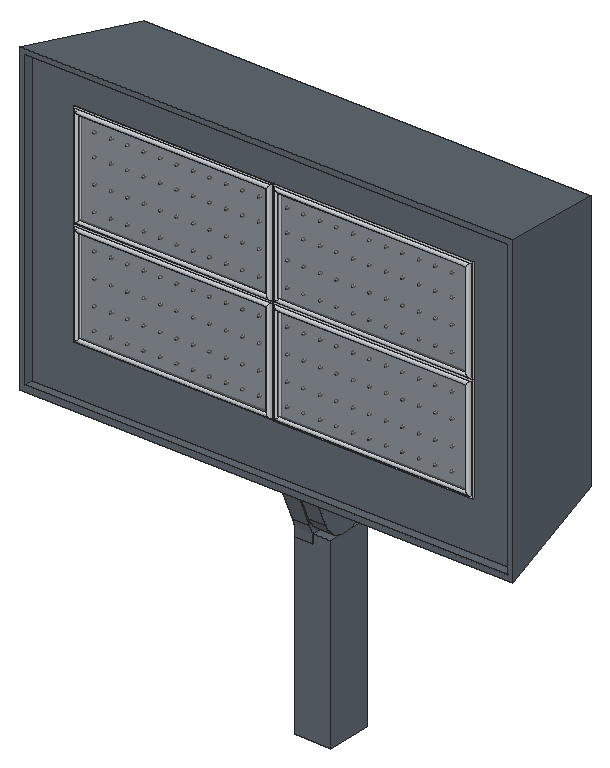
Revit family "RFL4", category Lighting Fixtures, host Face, Revit 2021 (continued)
Definition of nested family "RFL"
  Automatic sketch dimensions
    Revolve 52 sketch curve to Revolve 52 sketch curve = 0.03589"
    plane 1 "Center (Front/Back)" to Revolve 52 sketch curve = 1.48276"
    Revolve 52 sketch curve to Revolve 52 sketch curve = 0.04501"
    Revolve 52 sketch curve to Revolve 52 sketch curve = 0.000"
    Revolve 52 sketch curve to Revolve 52 sketch curve = 0.26429"
    Revolve 52 sketch curve to Revolve 52 sketch curve = 0.35913"
    Revolve 53 sketch curve to plane 4 = 1.90329"
    Revolve 53 sketch curve to Revolve 53 sketch curve = 0.03589"
    plane 1 "Center (Front/Back)" to Revolve 53 sketch curve = 1.48276"
    Revolve 53 sketch curve to Revolve 53 sketch curve = 0.04501"
    Revolve 53 sketch curve to Revolve 53 sketch curve = 0.000"
    Revolve 53 sketch curve to Revolve 53 sketch curve = 0.26429"
    Revolve 53 sketch curve to Revolve 53 sketch curve = 0.35913"
    Revolve 54 sketch curve to plane 4 = 1.90329"
    Revolve 54 sketch curve to Revolve 54 sketch curve = 0.03589"
    plane 1 "Center (Front/Back)" to Revolve 54 sketch curve = 1.48276"
    Revolve 54 sketch curve to Revolve 54 sketch curve = 0.04501"
    Revolve 54 sketch curve to Revolve 54 sketch curve = 0.000"
    Revolve 54 sketch curve to Revolve 54 sketch curve = 0.26429"
    Revolve 54 sketch curve to Revolve 54 sketch curve = 0.35913"
    Revolve 55 sketch curve to plane 4 = 1.90329"
    Revolve 55 sketch curve to Revolve 55 sketch curve = 0.03589"
    plane 1 "Center (Front/Back)" to Revolve 55 sketch curve = 1.48276"
    Revolve 55 sketch curve to Revolve 55 sketch curve = 0.04501"
    Revolve 55 sketch curve to Revolve 55 sketch curve = 0.000"
    Revolve 55 sketch curve to Revolve 55 sketch curve = 0.26429"
    Revolve 55 sketch curve to Revolve 55 sketch curve = 0.35913"
    plane 3 "Center (Left/Right)" to Revolve 56 sketch curve = 0.39456"
    Revolve 56 sketch curve to Revolve 56 sketch curve = 0.03589"
    plane 1 "Center (Front/Back)" to Revolve 56 sketch curve = 1.48276"
    Revolve 56 sketch curve to Revolve 56 sketch curve = 0.04501"
    Revolve 56 sketch curve to Revolve 56 sketch curve = 0.000"
    Revolve 56 sketch curve to Revolve 56 sketch curve = 0.26429"
    Revolve 56 sketch curve to Revolve 56 sketch curve = 0.35913"
    plane 3 "Center (Left/Right)" to Revolve 57 sketch curve = 0.39456"
    Revolve 57 sketch curve to Revolve 57 sketch curve = 0.03589"
    plane 1 "Center (Front/Back)" to Revolve 57 sketch curve = 1.48276"
    Revolve 57 sketch curve to Revolve 57 sketch curve = 0.04501"
    Revolve 57 sketch curve to Revolve 57 sketch curve = 0.000"
    Revolve 57 sketch curve to Revolve 57 sketch curve = 0.26429"
    Revolve 57 sketch curve to Revolve 57 sketch curve = 0.35913"
    plane 3 "Center (Left/Right)" to Revolve 58 sketch curve = 0.39456"
    Revolve 58 sketch curve to Revolve 58 sketch curve = 0.03589"
    plane 1 "Center (Front/Back)" to Revolve 58 sketch curve = 1.48276"
    Revolve 58 sketch curve to Revolve 58 sketch curve = 0.04501"
    Revolve 58 sketch curve to Revolve 58 sketch curve = 0.000"
    Revolve 58 sketch curve to Revolve 58 sketch curve = 0.26429"
    Revolve 58 sketch curve to Revolve 58 sketch curve = 0.35913"
    plane 3 "Center (Left/Right)" to Revolve 59 sketch curve = 0.39456"
    Revolve 59 sketch curve to Revolve 59 sketch curve = 0.03589"
    plane 1 "Center (Front/Back)" to Revolve 59 sketch curve = 1.48276"
    Revolve 59 sketch curve to Revolve 59 sketch curve = 0.04501"
    Revolve 59 sketch curve to Revolve 59 sketch curve = 0.000"
    Revolve 59 sketch curve to Revolve 59 sketch curve = 0.26429"
    Revolve 59 sketch curve to Revolve 59 sketch curve = 0.35913"
    Revolve 60 sketch curve to plane 4 = 2.3635"
    Revolve 60 sketch curve to Revolve 60 sketch curve = 0.03589"
    plane 1 "Center (Front/Back)" to Revolve 60 sketch curve = 1.48276"
    Revolve 60 sketch curve to Revolve 60 sketch curve = 0.04501"
    Revolve 60 sketch curve to Revolve 60 sketch curve = 0.000"
    Revolve 60 sketch curve to Revolve 60 sketch curve = 0.26429"
    Revolve 60 sketch curve to Revolve 60 sketch curve = 0.35913"
    Revolve 61 sketch curve to plane 4 = 2.3635"
    Revolve 61 sketch curve to Revolve 61 sketch curve = 0.03589"
    plane 1 "Center (Front/Back)" to Revolve 61 sketch curve = 1.48276"
    Revolve 61 sketch curve to Revolve 61 sketch curve = 0.04501"
    Revolve 61 sketch curve to Revolve 61 sketch curve = 0.000"
    Revolve 61 sketch curve to Revolve 61 sketch curve = 0.26429"
    Revolve 61 sketch curve to Revolve 61 sketch curve = 0.35913"
    Revolve 62 sketch curve to plane 4 = 2.3635"
    Revolve 62 sketch curve to Revolve 62 sketch curve = 0.03589"
    plane 1 "Center (Front/Back)" to Revolve 62 sketch curve = 1.48276"
    Revolve 62 sketch curve to Revolve 62 sketch curve = 0.04501"
    Revolve 62 sketch curve to Revolve 62 sketch curve = 0.000"
    Revolve 62 sketch curve to Revolve 62 sketch curve = 0.26429"
    Revolve 62 sketch curve to Revolve 62 sketch curve = 0.35913"
    Revolve 63 sketch curve to plane 4 = 2.3635"
    Revolve 63 sketch curve to Revolve 63 sketch curve = 0.03589"
    plane 1 "Center (Front/Back)" to Revolve 63 sketch curve = 1.48276"
    Revolve 63 sketch curve to Revolve 63 sketch curve = 0.04501"
    Revolve 63 sketch curve to Revolve 63 sketch curve = 0.000"
    Revolve 63 sketch curve to Revolve 63 sketch curve = 0.26429"
    Revolve 63 sketch curve to Revolve 63 sketch curve = 0.35913"
    Revolve 64 sketch curve to plane 4 = 2.82372"
    Revolve 64 sketch curve to Revolve 64 sketch curve = 0.03589"
    plane 1 "Center (Front/Back)" to Revolve 64 sketch curve = 1.48276"
    Revolve 64 sketch curve to Revolve 64 sketch curve = 0.04501"
    Revolve 64 sketch curve to Revolve 64 sketch curve = 0.000"
    Revolve 64 sketch curve to Revolve 64 sketch curve = 0.26429"
    Revolve 64 sketch curve to Revolve 64 sketch curve = 0.35913"
    Revolve 65 sketch curve to plane 4 = 2.82372"
    Revolve 65 sketch curve to Revolve 65 sketch curve = 0.03589"
    plane 1 "Center (Front/Back)" to Revolve 65 sketch curve = 1.48276"
    Revolve 65 sketch curve to Revolve 65 sketch curve = 0.04501"
    Revolve 65 sketch curve to Revolve 65 sketch curve = 0.000"
    Revolve 65 sketch curve to Revolve 65 sketch curve = 0.26429"
    Revolve 65 sketch curve to Revolve 65 sketch curve = 0.35913"
    Revolve 66 sketch curve to plane 4 = 2.82372"
    Revolve 66 sketch curve to Revolve 66 sketch curve = 0.03589"
    plane 1 "Center (Front/Back)" to Revolve 66 sketch curve = 1.48276"
    Revolve 66 sketch curve to Revolve 66 sketch curve = 0.04501"
    Revolve 66 sketch curve to Revolve 66 sketch curve = 0.000"
    Revolve 66 sketch curve to Revolve 66 sketch curve = 0.26429"
    Revolve 66 sketch curve to Revolve 66 sketch curve = 0.35913"
    Revolve 67 sketch curve to plane 4 = 2.82372"
    Revolve 67 sketch curve to Revolve 67 sketch curve = 0.03589"
    plane 1 "Center (Front/Back)" to Revolve 67 sketch curve = 1.48276"
    Revolve 67 sketch curve to Revolve 67 sketch curve = 0.04501"
    Revolve 67 sketch curve to Revolve 67 sketch curve = 0.000"
    Revolve 67 sketch curve to Revolve 67 sketch curve = 0.26429"
    Revolve 67 sketch curve to Revolve 67 sketch curve = 0.35913"
    plane 1 "Center (Front/Back)" to Revolve 68 sketch curve = 1.48276"
    Revolve 68 sketch curve to plane 4 = 3.28393"
    Revolve 68 sketch curve to Revolve 68 sketch curve = 0.03589"
    Revolve 68 sketch curve to Revolve 68 sketch curve = 0.04501"
    Revolve 68 sketch curve to Revolve 68 sketch curve = 0.000"
    Revolve 68 sketch curve to Revolve 68 sketch curve = 0.26429"
    Revolve 68 sketch curve to Revolve 68 sketch curve = 0.35913"
    plane 1 "Center (Front/Back)" to Revolve 69 sketch curve = 1.48276"
    Revolve 69 sketch curve to plane 4 = 3.28393"
    Revolve 69 sketch curve to Revolve 69 sketch curve = 0.03589"
    Revolve 69 sketch curve to Revolve 69 sketch curve = 0.04501"
    Revolve 69 sketch curve to Revolve 69 sketch curve = 0.000"
    Revolve 69 sketch curve to Revolve 69 sketch curve = 0.26429"
    Revolve 69 sketch curve to Revolve 69 sketch curve = 0.35913"
    plane 1 "Center (Front/Back)" to Revolve 70 sketch curve = 1.48276"
    Revolve 70 sketch curve to plane 4 = 3.28393"
    Revolve 70 sketch curve to Revolve 70 sketch curve = 0.03589"
    Revolve 70 sketch curve to Revolve 70 sketch curve = 0.04501"
    Revolve 70 sketch curve to Revolve 70 sketch curve = 0.000"
    Revolve 70 sketch curve to Revolve 70 sketch curve = 0.26429"
    Revolve 70 sketch curve to Revolve 70 sketch curve = 0.35913"
    plane 1 "Center (Front/Back)" to Revolve 71 sketch curve = 1.48276"
    Revolve 71 sketch curve to plane 4 = 3.28393"
    Revolve 71 sketch curve to Revolve 71 sketch curve = 0.03589"
    Revolve 71 sketch curve to Revolve 71 sketch curve = 0.04501"
    Revolve 71 sketch curve to Revolve 71 sketch curve = 0.000"
    Revolve 71 sketch curve to Revolve 71 sketch curve = 0.26429"
    Revolve 71 sketch curve to Revolve 71 sketch curve = 0.35913"
    plane 1 "Center (Front/Back)" to Revolve 72 sketch curve = 1.48276"
    plane 3 "Center (Left/Right)" to Revolve 72 sketch curve = 3.15585"
    Revolve 72 sketch curve to Revolve 72 sketch curve = 0.03589"
    Revolve 72 sketch curve to Revolve 72 sketch curve = 0.04501"
    Revolve 72 sketch curve to Revolve 72 sketch curve = 0.000"
    Revolve 72 sketch curve to Revolve 72 sketch curve = 0.26429"
    Revolve 72 sketch curve to Revolve 72 sketch curve = 0.35913"
    plane 1 "Center (Front/Back)" to Revolve 73 sketch curve = 1.48276"
    plane 3 "Center (Left/Right)" to Revolve 73 sketch curve = 3.15585"
    Revolve 73 sketch curve to Revolve 73 sketch curve = 0.03589"
    Revolve 73 sketch curve to Revolve 73 sketch curve = 0.04501"
    Revolve 73 sketch curve to Revolve 73 sketch curve = 0.000"
    Revolve 73 sketch curve to Revolve 73 sketch curve = 0.26429"
    Revolve 73 sketch curve to Revolve 73 sketch curve = 0.35913"
    plane 1 "Center (Front/Back)" to Revolve 74 sketch curve = 1.48276"
    plane 3 "Center (Left/Right)" to Revolve 74 sketch curve = 3.15585"
    Revolve 74 sketch curve to Revolve 74 sketch curve = 0.03589"
    Revolve 74 sketch curve to Revolve 74 sketch curve = 0.04501"
    Revolve 74 sketch curve to Revolve 74 sketch curve = 0.000"
    Revolve 74 sketch curve to Revolve 74 sketch curve = 0.26429"
    Revolve 74 sketch curve to Revolve 74 sketch curve = 0.35913"
    plane 1 "Center (Front/Back)" to Revolve 75 sketch curve = 1.48276"
    plane 3 "Center (Left/Right)" to Revolve 75 sketch curve = 3.15585"
    Revolve 75 sketch curve to Revolve 75 sketch curve = 0.03589"
    Revolve 75 sketch curve to Revolve 75 sketch curve = 0.04501"
    Revolve 75 sketch curve to Revolve 75 sketch curve = 0.000"
    Revolve 75 sketch curve to Revolve 75 sketch curve = 0.26429"
    Revolve 75 sketch curve to Revolve 75 sketch curve = 0.35913"
    plane 3 "Center (Left/Right)" to Revolve 76 sketch curve = 2.69564"
    Revolve 76 sketch curve to Revolve 76 sketch curve = 0.03589"
    plane 1 "Center (Front/Back)" to Revolve 76 sketch curve = 1.48276"
    Revolve 76 sketch curve to Revolve 76 sketch curve = 0.04501"
    Revolve 76 sketch curve to Revolve 76 sketch curve = 0.000"
    Revolve 76 sketch curve to Revolve 76 sketch curve = 0.26429"
    Revolve 76 sketch curve to Revolve 76 sketch curve = 0.35913"
    plane 3 "Center (Left/Right)" to Revolve 77 sketch curve = 2.69564"
    Revolve 77 sketch curve to Revolve 77 sketch curve = 0.03589"
    plane 1 "Center (Front/Back)" to Revolve 77 sketch curve = 1.48276"
    Revolve 77 sketch curve to Revolve 77 sketch curve = 0.04501"
    Revolve 77 sketch curve to Revolve 77 sketch curve = 0.000"
    Revolve 77 sketch curve to Revolve 77 sketch curve = 0.26429"
    Revolve 77 sketch curve to Revolve 77 sketch curve = 0.35913"
    plane 3 "Center (Left/Right)" to Revolve 78 sketch curve = 2.69564"
    Revolve 78 sketch curve to Revolve 78 sketch curve = 0.03589"
    plane 1 "Center (Front/Back)" to Revolve 78 sketch curve = 1.48276"
    Revolve 78 sketch curve to Revolve 78 sketch curve = 0.04501"
    Revolve 78 sketch curve to Revolve 78 sketch curve = 0.000"
    Revolve 78 sketch curve to Revolve 78 sketch curve = 0.26429"
    Revolve 78 sketch curve to Revolve 78 sketch curve = 0.35913"
    plane 3 "Center (Left/Right)" to Revolve 79 sketch curve = 2.69564"
    Revolve 79 sketch curve to Revolve 79 sketch curve = 0.03589"
    plane 1 "Center (Front/Back)" to Revolve 79 sketch curve = 1.48276"
    Revolve 79 sketch curve to Revolve 79 sketch curve = 0.04501"
    Revolve 79 sketch curve to Revolve 79 sketch curve = 0.000"
    Revolve 79 sketch curve to Revolve 79 sketch curve = 0.26429"
    Revolve 79 sketch curve to Revolve 79 sketch curve = 0.35913"
    plane 3 "Center (Left/Right)" to Revolve 80 sketch curve = 2.23542"
    Revolve 80 sketch curve to Revolve 80 sketch curve = 0.03589"
    plane 1 "Center (Front/Back)" to Revolve 80 sketch curve = 1.48276"
    Revolve 80 sketch curve to Revolve 80 sketch curve = 0.04501"
    Revolve 80 sketch curve to Revolve 80 sketch curve = 0.000"
    Revolve 80 sketch curve to Revolve 80 sketch curve = 0.26429"
    Revolve 80 sketch curve to Revolve 80 sketch curve = 0.35913"
    plane 3 "Center (Left/Right)" to Revolve 81 sketch curve = 2.23542"
    Revolve 81 sketch curve to Revolve 81 sketch curve = 0.03589"
    plane 1 "Center (Front/Back)" to Revolve 81 sketch curve = 1.48276"
    Revolve 81 sketch curve to Revolve 81 sketch curve = 0.04501"
    Revolve 81 sketch curve to Revolve 81 sketch curve = 0.000"
    Revolve 81 sketch curve to Revolve 81 sketch curve = 0.26429"
    Revolve 81 sketch curve to Revolve 81 sketch curve = 0.35913"
    plane 3 "Center (Left/Right)" to Revolve 82 sketch curve = 2.23542"
    Revolve 82 sketch curve to Revolve 82 sketch curve = 0.03589"
    plane 1 "Center (Front/Back)" to Revolve 82 sketch curve = 1.48276"
    Revolve 82 sketch curve to Revolve 82 sketch curve = 0.04501"
    Revolve 82 sketch curve to Revolve 82 sketch curve = 0.000"
    Revolve 82 sketch curve to Revolve 82 sketch curve = 0.26429"
    Revolve 82 sketch curve to Revolve 82 sketch curve = 0.35913"
    plane 3 "Center (Left/Right)" to Revolve 83 sketch curve = 2.23542"
    Revolve 83 sketch curve to Revolve 83 sketch curve = 0.03589"
    plane 1 "Center (Front/Back)" to Revolve 83 sketch curve = 1.48276"
    Revolve 83 sketch curve to Revolve 83 sketch curve = 0.04501"
    Revolve 83 sketch curve to Revolve 83 sketch curve = 0.000"
    Revolve 83 sketch curve to Revolve 83 sketch curve = 0.26429"
    Revolve 83 sketch curve to Revolve 83 sketch curve = 0.35913"
    plane 3 "Center (Left/Right)" to Revolve 84 sketch curve = 1.77521"
    Revolve 84 sketch curve to Revolve 84 sketch curve = 0.03589"
    plane 1 "Center (Front/Back)" to Revolve 84 sketch curve = 1.48276"
    Revolve 84 sketch curve to Revolve 84 sketch curve = 0.04501"
    Revolve 84 sketch curve to Revolve 84 sketch curve = 0.000"
    Revolve 84 sketch curve to Revolve 84 sketch curve = 0.26429"
    Revolve 84 sketch curve to Revolve 84 sketch curve = 0.35913"
    plane 3 "Center (Left/Right)" to Revolve 85 sketch curve = 1.77521"
    Revolve 85 sketch curve to Revolve 85 sketch curve = 0.03589"
    plane 1 "Center (Front/Back)" to Revolve 85 sketch curve = 1.48276"
    Revolve 85 sketch curve to Revolve 85 sketch curve = 0.04501"
    Revolve 85 sketch curve to Revolve 85 sketch curve = 0.000"
    Revolve 85 sketch curve to Revolve 85 sketch curve = 0.26429"
    Revolve 85 sketch curve to Revolve 85 sketch curve = 0.35913"
    plane 3 "Center (Left/Right)" to Revolve 86 sketch curve = 1.77521"
    Revolve 86 sketch curve to Revolve 86 sketch curve = 0.03589"
    plane 1 "Center (Front/Back)" to Revolve 86 sketch curve = 1.48276"
    Revolve 86 sketch curve to Revolve 86 sketch curve = 0.04501"
    Revolve 86 sketch curve to Revolve 86 sketch curve = 0.000"
    Revolve 86 sketch curve to Revolve 86 sketch curve = 0.26429"
    Revolve 86 sketch curve to Revolve 86 sketch curve = 0.35913"
    plane 3 "Center (Left/Right)" to Revolve 87 sketch curve = 1.77521"
    Revolve 87 sketch curve to Revolve 87 sketch curve = 0.03589"
    plane 1 "Center (Front/Back)" to Revolve 87 sketch curve = 1.48276"
    Revolve 87 sketch curve to Revolve 87 sketch curve = 0.04501"
    Revolve 87 sketch curve to Revolve 87 sketch curve = 0.000"
    Revolve 87 sketch curve to Revolve 87 sketch curve = 0.26429"
    Revolve 87 sketch curve to Revolve 87 sketch curve = 0.35913"
    plane 3 "Center (Left/Right)" to Revolve 88 sketch curve = 1.31499"
    Revolve 88 sketch curve to Revolve 88 sketch curve = 0.03589"
    plane 1 "Center (Front/Back)" to Revolve 88 sketch curve = 1.48276"
    Revolve 88 sketch curve to Revolve 88 sketch curve = 0.04501"
    Revolve 88 sketch curve to Revolve 88 sketch curve = 0.000"
    Revolve 88 sketch curve to Revolve 88 sketch curve = 0.26429"
    Revolve 88 sketch curve to Revolve 88 sketch curve = 0.35913"
    plane 3 "Center (Left/Right)" to Revolve 89 sketch curve = 1.31499"
    Revolve 89 sketch curve to Revolve 89 sketch curve = 0.03589"
    plane 1 "Center (Front/Back)" to Revolve 89 sketch curve = 1.48276"
    Revolve 89 sketch curve to Revolve 89 sketch curve = 0.04501"
    Revolve 89 sketch curve to Revolve 89 sketch curve = 0.000"
    Revolve 89 sketch curve to Revolve 89 sketch curve = 0.26429"
    Revolve 89 sketch curve to Revolve 89 sketch curve = 0.35913"
    plane 3 "Center (Left/Right)" to Revolve 90 sketch curve = 1.31499"
    Revolve 90 sketch curve to Revolve 90 sketch curve = 0.03589"
    plane 1 "Center (Front/Back)" to Revolve 90 sketch curve = 1.48276"
    Revolve 90 sketch curve to Revolve 90 sketch curve = 0.04501"
    Revolve 90 sketch curve to Revolve 90 sketch curve = 0.000"
    Revolve 90 sketch curve to Revolve 90 sketch curve = 0.26429"
    Revolve 90 sketch curve to Revolve 90 sketch curve = 0.35913"
    plane 3 "Center (Left/Right)" to Revolve 91 sketch curve = 1.31499"
    Revolve 91 sketch curve to Revolve 91 sketch curve = 0.03589"
    plane 1 "Center (Front/Back)" to Revolve 91 sketch curve = 1.48276"
    Revolve 91 sketch curve to Revolve 91 sketch curve = 0.04501"
    Revolve 91 sketch curve to Revolve 91 sketch curve = 0.000"
    Revolve 91 sketch curve to Revolve 91 sketch curve = 0.26429"
    Revolve 91 sketch curve to Revolve 91 sketch curve = 0.35913"
    plane 3 "Center (Left/Right)" to Revolve 92 sketch curve = 0.85478"
    Revolve 92 sketch curve to Revolve 92 sketch curve = 0.03589"
    plane 1 "Center (Front/Back)" to Revolve 92 sketch curve = 1.48276"
    Revolve 92 sketch curve to Revolve 92 sketch curve = 0.04501"
    Revolve 92 sketch curve to Revolve 92 sketch curve = 0.000"
    Revolve 92 sketch curve to Revolve 92 sketch curve = 0.26429"
    Revolve 92 sketch curve to Revolve 92 sketch curve = 0.35913"
    plane 3 "Center (Left/Right)" to Revolve 93 sketch curve = 0.85478"
    Revolve 93 sketch curve to Revolve 93 sketch curve = 0.03589"
    plane 1 "Center (Front/Back)" to Revolve 93 sketch curve = 1.48276"
    Revolve 93 sketch curve to Revolve 93 sketch curve = 0.04501"
    Revolve 93 sketch curve to Revolve 93 sketch curve = 0.000"
    Revolve 93 sketch curve to Revolve 93 sketch curve = 0.26429"
    Revolve 93 sketch curve to Revolve 93 sketch curve = 0.35913"
    plane 3 "Center (Left/Right)" to Revolve 94 sketch curve = 0.85478"
    Revolve 94 sketch curve to Revolve 94 sketch curve = 0.03589"
    plane 1 "Center (Front/Back)" to Revolve 94 sketch curve = 1.48276"
    Revolve 94 sketch curve to Revolve 94 sketch curve = 0.04501"
    Revolve 94 sketch curve to Revolve 94 sketch curve = 0.000"
    Revolve 94 sketch curve to Revolve 94 sketch curve = 0.26429"
    Revolve 94 sketch curve to Revolve 94 sketch curve = 0.35913"
    plane 3 "Center (Left/Right)" to Revolve 95 sketch curve = 0.85478"
    Revolve 95 sketch curve to Revolve 95 sketch curve = 0.03589"
    plane 1 "Center (Front/Back)" to Revolve 95 sketch curve = 1.48276"
    Revolve 95 sketch curve to Revolve 95 sketch curve = 0.04501"
    Revolve 95 sketch curve to Revolve 95 sketch curve = 0.000"
    Revolve 95 sketch curve to Revolve 95 sketch curve = 0.26429"
    Revolve 95 sketch curve to Revolve 95 sketch curve = 0.35913"
    Extrusion 96 sketch curve to plane 5 = 1.48867"
    plane 3 "Center (Left/Right)" to Extrusion 96 sketch curve = 0.16904"
    plane 8 to Extrusion 96 sketch curve = 4.2391"
    Extrusion 96 sketch curve to level = 1.72165"
    plane 5 to Sweep 97 sketch curve = 1.32856"
    Sweep 97 sketch curve to plane 3 "Center (Left/Right)" = 0.00894"
    level to Sweep 97 sketch curve = 1.56154"
    Sweep 97 sketch curve to Sweep 97 sketch curve = 2.95947"
    profile plane to Sweep 97 sketch curve = 0.000"
    Sweep 97 sketch curve to profile plane = 0.000"
    Sweep 97 sketch curve to Sweep 97 sketch curve = 0.04662"
    Sweep 97 sketch curve to Sweep 97 sketch curve = 0.05647"
    Sweep 97 sketch curve to Sweep 97 sketch curve = 0.05701"
    profile plane to Sweep 97 sketch curve = 0.03881"
    plane 1 "Center (Front/Back)" to Revolve 98 sketch curve = 1.48276"
    Revolve 98 sketch curve to Revolve 98 sketch curve = 0.04501"
    Revolve 98 sketch curve to Revolve 98 sketch curve = 0.03589"
    plane 5 to Revolve 98 sketch curve = 1.90329"
    Revolve 98 sketch curve to Revolve 98 sketch curve = 0.26429"
    Revolve 98 sketch curve to Revolve 98 sketch curve = 0.35913"
    Revolve 98 sketch curve to Revolve 98 sketch curve = 0.000"
    plane 1 "Center (Front/Back)" to Revolve 99 sketch curve = 1.48276"
    Revolve 99 sketch curve to Revolve 99 sketch curve = 0.04501"
    Revolve 99 sketch curve to Revolve 99 sketch curve = 0.03589"
    plane 5 to Revolve 99 sketch curve = 1.90329"
    Revolve 99 sketch curve to Revolve 99 sketch curve = 0.26429"
    Revolve 99 sketch curve to Revolve 99 sketch curve = 0.35913"
    Revolve 99 sketch curve to Revolve 99 sketch curve = 0.000"
    plane 1 "Center (Front/Back)" to Revolve 100 sketch curve = 1.48276"
    Revolve 100 sketch curve to Revolve 100 sketch curve = 0.04501"
    Revolve 100 sketch curve to Revolve 100 sketch curve = 0.03589"
    plane 5 to Revolve 100 sketch curve = 1.90329"
    Revolve 100 sketch curve to Revolve 100 sketch curve = 0.26429"
    Revolve 100 sketch curve to Revolve 100 sketch curve = 0.35913"
    Revolve 100 sketch curve to Revolve 100 sketch curve = 0.000"
    plane 1 "Center (Front/Back)" to Revolve 101 sketch curve = 1.48276"
    Revolve 101 sketch curve to Revolve 101 sketch curve = 0.04501"
    Revolve 101 sketch curve to Revolve 101 sketch curve = 0.03589"
    plane 5 to Revolve 101 sketch curve = 1.90329"
    Revolve 101 sketch curve to Revolve 101 sketch curve = 0.26429"
    Revolve 101 sketch curve to Revolve 101 sketch curve = 0.35913"
    Revolve 101 sketch curve to Revolve 101 sketch curve = 0.000"
    Revolve 102 sketch curve to plane 3 "Center (Left/Right)" = 0.39456"
    plane 1 "Center (Front/Back)" to Revolve 102 sketch curve = 1.48276"
    Revolve 102 sketch curve to Revolve 102 sketch curve = 0.04501"
    Revolve 102 sketch curve to Revolve 102 sketch curve = 0.03589"
    Revolve 102 sketch curve to Revolve 102 sketch curve = 0.26429"
    Revolve 102 sketch curve to Revolve 102 sketch curve = 0.35913"
    Revolve 102 sketch curve to Revolve 102 sketch curve = 0.000"
    Revolve 103 sketch curve to plane 3 "Center (Left/Right)" = 0.39456"
    plane 1 "Center (Front/Back)" to Revolve 103 sketch curve = 1.48276"
    Revolve 103 sketch curve to Revolve 103 sketch curve = 0.04501"
    Revolve 103 sketch curve to Revolve 103 sketch curve = 0.03589"
    Revolve 103 sketch curve to Revolve 103 sketch curve = 0.26429"
    Revolve 103 sketch curve to Revolve 103 sketch curve = 0.35913"
    Revolve 103 sketch curve to Revolve 103 sketch curve = 0.000"
    Revolve 104 sketch curve to plane 3 "Center (Left/Right)" = 0.39456"
    plane 1 "Center (Front/Back)" to Revolve 104 sketch curve = 1.48276"
    Revolve 104 sketch curve to Revolve 104 sketch curve = 0.04501"
    Revolve 104 sketch curve to Revolve 104 sketch curve = 0.03589"
    Revolve 104 sketch curve to Revolve 104 sketch curve = 0.26429"
    Revolve 104 sketch curve to Revolve 104 sketch curve = 0.35913"
    Revolve 104 sketch curve to Revolve 104 sketch curve = 0.000"
    Revolve 105 sketch curve to plane 3 "Center (Left/Right)" = 0.39456"
    plane 1 "Center (Front/Back)" to Revolve 105 sketch curve = 1.48276"
    Revolve 105 sketch curve to Revolve 105 sketch curve = 0.04501"
    Revolve 105 sketch curve to Revolve 105 sketch curve = 0.03589"
    Revolve 105 sketch curve to Revolve 105 sketch curve = 0.26429"
    Revolve 105 sketch curve to Revolve 105 sketch curve = 0.35913"
    Revolve 105 sketch curve to Revolve 105 sketch curve = 0.000"
    plane 1 "Center (Front/Back)" to Revolve 106 sketch curve = 1.48276"
    Revolve 106 sketch curve to Revolve 106 sketch curve = 0.04501"
    Revolve 106 sketch curve to Revolve 106 sketch curve = 0.03589"
    plane 5 to Revolve 106 sketch curve = 2.3635"
    Revolve 106 sketch curve to Revolve 106 sketch curve = 0.26429"
    Revolve 106 sketch curve to Revolve 106 sketch curve = 0.35913"
    Revolve 106 sketch curve to Revolve 106 sketch curve = 0.000"
    plane 1 "Center (Front/Back)" to Revolve 107 sketch curve = 1.48276"
    Revolve 107 sketch curve to Revolve 107 sketch curve = 0.04501"
    Revolve 107 sketch curve to Revolve 107 sketch curve = 0.03589"
    plane 5 to Revolve 107 sketch curve = 2.3635"
    Revolve 107 sketch curve to Revolve 107 sketch curve = 0.26429"
    Revolve 107 sketch curve to Revolve 107 sketch curve = 0.35913"
    Revolve 107 sketch curve to Revolve 107 sketch curve = 0.000"
    plane 1 "Center (Front/Back)" to Revolve 108 sketch curve = 1.48276"
    Revolve 108 sketch curve to Revolve 108 sketch curve = 0.04501"
    Revolve 108 sketch curve to Revolve 108 sketch curve = 0.03589"
    plane 5 to Revolve 108 sketch curve = 2.3635"
    Revolve 108 sketch curve to Revolve 108 sketch curve = 0.26429"
    Revolve 108 sketch curve to Revolve 108 sketch curve = 0.35913"
    Revolve 108 sketch curve to Revolve 108 sketch curve = 0.000"
    plane 1 "Center (Front/Back)" to Revolve 109 sketch curve = 1.48276"
    Revolve 109 sketch curve to Revolve 109 sketch curve = 0.04501"
    Revolve 109 sketch curve to Revolve 109 sketch curve = 0.03589"
    plane 5 to Revolve 109 sketch curve = 2.3635"
    Revolve 109 sketch curve to Revolve 109 sketch curve = 0.26429"
    Revolve 109 sketch curve to Revolve 109 sketch curve = 0.35913"
    Revolve 109 sketch curve to Revolve 109 sketch curve = 0.000"
    plane 1 "Center (Front/Back)" to Revolve 110 sketch curve = 1.48276"
    Revolve 110 sketch curve to Revolve 110 sketch curve = 0.04501"
    Revolve 110 sketch curve to Revolve 110 sketch curve = 0.03589"
    plane 5 to Revolve 110 sketch curve = 2.82372"
    Revolve 110 sketch curve to Revolve 110 sketch curve = 0.26429"
    Revolve 110 sketch curve to Revolve 110 sketch curve = 0.35913"
    Revolve 110 sketch curve to Revolve 110 sketch curve = 0.000"
    plane 1 "Center (Front/Back)" to Revolve 111 sketch curve = 1.48276"
    Revolve 111 sketch curve to Revolve 111 sketch curve = 0.04501"
    Revolve 111 sketch curve to Revolve 111 sketch curve = 0.03589"
    plane 5 to Revolve 111 sketch curve = 2.82372"
    Revolve 111 sketch curve to Revolve 111 sketch curve = 0.26429"
    Revolve 111 sketch curve to Revolve 111 sketch curve = 0.35913"
    Revolve 111 sketch curve to Revolve 111 sketch curve = 0.000"
    plane 1 "Center (Front/Back)" to Revolve 112 sketch curve = 1.48276"
    Revolve 112 sketch curve to Revolve 112 sketch curve = 0.04501"
    Revolve 112 sketch curve to Revolve 112 sketch curve = 0.03589"
    plane 5 to Revolve 112 sketch curve = 2.82372"
    Revolve 112 sketch curve to Revolve 112 sketch curve = 0.26429"
    Revolve 112 sketch curve to Revolve 112 sketch curve = 0.35913"
    Revolve 112 sketch curve to Revolve 112 sketch curve = 0.000"
    plane 1 "Center (Front/Back)" to Revolve 113 sketch curve = 1.48276"
    Revolve 113 sketch curve to Revolve 113 sketch curve = 0.04501"
    Revolve 113 sketch curve to Revolve 113 sketch curve = 0.03589"
    plane 5 to Revolve 113 sketch curve = 2.82372"
    Revolve 113 sketch curve to Revolve 113 sketch curve = 0.26429"
    Revolve 113 sketch curve to Revolve 113 sketch curve = 0.35913"
    Revolve 113 sketch curve to Revolve 113 sketch curve = 0.000"
    plane 1 "Center (Front/Back)" to Revolve 114 sketch curve = 1.48276"
    Revolve 114 sketch curve to Revolve 114 sketch curve = 0.04501"
    Revolve 114 sketch curve to Revolve 114 sketch curve = 0.03589"
    plane 5 to Revolve 114 sketch curve = 3.28393"
    Revolve 114 sketch curve to Revolve 114 sketch curve = 0.26429"
    Revolve 114 sketch curve to Revolve 114 sketch curve = 0.35913"
    Revolve 114 sketch curve to Revolve 114 sketch curve = 0.000"
    plane 1 "Center (Front/Back)" to Revolve 115 sketch curve = 1.48276"
    Revolve 115 sketch curve to Revolve 115 sketch curve = 0.04501"
    Revolve 115 sketch curve to Revolve 115 sketch curve = 0.03589"
    plane 5 to Revolve 115 sketch curve = 3.28393"
    Revolve 115 sketch curve to Revolve 115 sketch curve = 0.26429"
    Revolve 115 sketch curve to Revolve 115 sketch curve = 0.35913"
    Revolve 115 sketch curve to Revolve 115 sketch curve = 0.000"
    plane 1 "Center (Front/Back)" to Revolve 116 sketch curve = 1.48276"
    Revolve 116 sketch curve to Revolve 116 sketch curve = 0.04501"
    Revolve 116 sketch curve to Revolve 116 sketch curve = 0.03589"
    plane 5 to Revolve 116 sketch curve = 3.28393"
    Revolve 116 sketch curve to Revolve 116 sketch curve = 0.26429"
    Revolve 116 sketch curve to Revolve 116 sketch curve = 0.35913"
    Revolve 116 sketch curve to Revolve 116 sketch curve = 0.000"
    plane 1 "Center (Front/Back)" to Revolve 117 sketch curve = 1.48276"
    Revolve 117 sketch curve to Revolve 117 sketch curve = 0.04501"
    Revolve 117 sketch curve to Revolve 117 sketch curve = 0.03589"
    plane 5 to Revolve 117 sketch curve = 3.28393"
    Revolve 117 sketch curve to Revolve 117 sketch curve = 0.26429"
    Revolve 117 sketch curve to Revolve 117 sketch curve = 0.35913"
    Revolve 117 sketch curve to Revolve 117 sketch curve = 0.000"
    plane 1 "Center (Front/Back)" to Revolve 118 sketch curve = 1.48276"
    Revolve 118 sketch curve to Revolve 118 sketch curve = 0.04501"
    Revolve 118 sketch curve to Revolve 118 sketch curve = 0.03589"
    Revolve 118 sketch curve to plane 3 "Center (Left/Right)" = 3.15585"
    Revolve 118 sketch curve to Revolve 118 sketch curve = 0.26429"
    Revolve 118 sketch curve to Revolve 118 sketch curve = 0.35913"
    Revolve 118 sketch curve to Revolve 118 sketch curve = 0.000"
    plane 1 "Center (Front/Back)" to Revolve 119 sketch curve = 1.48276"
    Revolve 119 sketch curve to Revolve 119 sketch curve = 0.04501"
    Revolve 119 sketch curve to Revolve 119 sketch curve = 0.03589"
    Revolve 119 sketch curve to plane 3 "Center (Left/Right)" = 3.15585"
    Revolve 119 sketch curve to Revolve 119 sketch curve = 0.26429"
    Revolve 119 sketch curve to Revolve 119 sketch curve = 0.35913"
    Revolve 119 sketch curve to Revolve 119 sketch curve = 0.000"
    plane 1 "Center (Front/Back)" to Revolve 120 sketch curve = 1.48276"
    Revolve 120 sketch curve to Revolve 120 sketch curve = 0.04501"
    Revolve 120 sketch curve to Revolve 120 sketch curve = 0.03589"
    Revolve 120 sketch curve to plane 3 "Center (Left/Right)" = 3.15585"
    Revolve 120 sketch curve to Revolve 120 sketch curve = 0.26429"
    Revolve 120 sketch curve to Revolve 120 sketch curve = 0.35913"
    Revolve 120 sketch curve to Revolve 120 sketch curve = 0.000"
    plane 1 "Center (Front/Back)" to Revolve 121 sketch curve = 1.48276"
    Revolve 121 sketch curve to Revolve 121 sketch curve = 0.04501"
    Revolve 121 sketch curve to Revolve 121 sketch curve = 0.03589"
    Revolve 121 sketch curve to plane 3 "Center (Left/Right)" = 3.15585"
    Revolve 121 sketch curve to Revolve 121 sketch curve = 0.26429"
    Revolve 121 sketch curve to Revolve 121 sketch curve = 0.35913"
    Revolve 121 sketch curve to Revolve 121 sketch curve = 0.000"
    plane 1 "Center (Front/Back)" to Revolve 122 sketch curve = 1.48276"
    Revolve 122 sketch curve to Revolve 122 sketch curve = 0.04501"
    Revolve 122 sketch curve to Revolve 122 sketch curve = 0.03589"
    Revolve 122 sketch curve to plane 3 "Center (Left/Right)" = 2.69564"
    Revolve 122 sketch curve to Revolve 122 sketch curve = 0.26429"
    Revolve 122 sketch curve to Revolve 122 sketch curve = 0.35913"
    Revolve 122 sketch curve to Revolve 122 sketch curve = 0.000"
    plane 1 "Center (Front/Back)" to Revolve 123 sketch curve = 1.48276"
    Revolve 123 sketch curve to Revolve 123 sketch curve = 0.04501"
    Revolve 123 sketch curve to Revolve 123 sketch curve = 0.03589"
    Revolve 123 sketch curve to plane 3 "Center (Left/Right)" = 2.69564"
    Revolve 123 sketch curve to Revolve 123 sketch curve = 0.26429"
    Revolve 123 sketch curve to Revolve 123 sketch curve = 0.35913"
    Revolve 123 sketch curve to Revolve 123 sketch curve = 0.000"
    plane 1 "Center (Front/Back)" to Revolve 124 sketch curve = 1.48276"
    Revolve 124 sketch curve to Revolve 124 sketch curve = 0.04501"
    Revolve 124 sketch curve to Revolve 124 sketch curve = 0.03589"
    Revolve 124 sketch curve to plane 3 "Center (Left/Right)" = 2.69564"
    Revolve 124 sketch curve to Revolve 124 sketch curve = 0.26429"
    Revolve 124 sketch curve to Revolve 124 sketch curve = 0.35913"
    Revolve 124 sketch curve to Revolve 124 sketch curve = 0.000"
    plane 1 "Center (Front/Back)" to Revolve 125 sketch curve = 1.48276"
    Revolve 125 sketch curve to Revolve 125 sketch curve = 0.04501"
    Revolve 125 sketch curve to Revolve 125 sketch curve = 0.03589"
    Revolve 125 sketch curve to plane 3 "Center (Left/Right)" = 2.69564"
    Revolve 125 sketch curve to Revolve 125 sketch curve = 0.26429"
    Revolve 125 sketch curve to Revolve 125 sketch curve = 0.35913"
    Revolve 125 sketch curve to Revolve 125 sketch curve = 0.000"
    plane 1 "Center (Front/Back)" to Revolve 126 sketch curve = 1.48276"
    Revolve 126 sketch curve to Revolve 126 sketch curve = 0.04501"
    Revolve 126 sketch curve to Revolve 126 sketch curve = 0.03589"
    Revolve 126 sketch curve to plane 3 "Center (Left/Right)" = 2.23542"
    Revolve 126 sketch curve to Revolve 126 sketch curve = 0.26429"
    Revolve 126 sketch curve to Revolve 126 sketch curve = 0.35913"
    Revolve 126 sketch curve to Revolve 126 sketch curve = 0.000"
    plane 1 "Center (Front/Back)" to Revolve 127 sketch curve = 1.48276"
    Revolve 127 sketch curve to Revolve 127 sketch curve = 0.04501"
    Revolve 127 sketch curve to Revolve 127 sketch curve = 0.03589"
    Revolve 127 sketch curve to plane 3 "Center (Left/Right)" = 2.23542"
    Revolve 127 sketch curve to Revolve 127 sketch curve = 0.26429"
    Revolve 127 sketch curve to Revolve 127 sketch curve = 0.35913"
    Revolve 127 sketch curve to Revolve 127 sketch curve = 0.000"
    plane 1 "Center (Front/Back)" to Revolve 128 sketch curve = 1.48276"
    Revolve 128 sketch curve to Revolve 128 sketch curve = 0.04501"
    Revolve 128 sketch curve to Revolve 128 sketch curve = 0.03589"
    Revolve 128 sketch curve to plane 3 "Center (Left/Right)" = 2.23542"
    Revolve 128 sketch curve to Revolve 128 sketch curve = 0.26429"
    Revolve 128 sketch curve to Revolve 128 sketch curve = 0.35913"
    Revolve 128 sketch curve to Revolve 128 sketch curve = 0.000"
    plane 1 "Center (Front/Back)" to Revolve 129 sketch curve = 1.48276"
    Revolve 129 sketch curve to Revolve 129 sketch curve = 0.04501"
    Revolve 129 sketch curve to Revolve 129 sketch curve = 0.03589"
    Revolve 129 sketch curve to plane 3 "Center (Left/Right)" = 2.23542"
    Revolve 129 sketch curve to Revolve 129 sketch curve = 0.26429"
    Revolve 129 sketch curve to Revolve 129 sketch curve = 0.35913"
    Revolve 129 sketch curve to Revolve 129 sketch curve = 0.000"
    plane 1 "Center (Front/Back)" to Revolve 130 sketch curve = 1.48276"
    Revolve 130 sketch curve to Revolve 130 sketch curve = 0.04501"
    Revolve 130 sketch curve to Revolve 130 sketch curve = 0.03589"
    Revolve 130 sketch curve to plane 3 "Center (Left/Right)" = 1.77521"
    Revolve 130 sketch curve to Revolve 130 sketch curve = 0.26429"
    Revolve 130 sketch curve to Revolve 130 sketch curve = 0.35913"
    Revolve 130 sketch curve to Revolve 130 sketch curve = 0.000"
    plane 1 "Center (Front/Back)" to Revolve 131 sketch curve = 1.48276"
    Revolve 131 sketch curve to Revolve 131 sketch curve = 0.04501"
    Revolve 131 sketch curve to Revolve 131 sketch curve = 0.03589"
    Revolve 131 sketch curve to plane 3 "Center (Left/Right)" = 1.77521"
    Revolve 131 sketch curve to Revolve 131 sketch curve = 0.26429"
    Revolve 131 sketch curve to Revolve 131 sketch curve = 0.35913"
    Revolve 131 sketch curve to Revolve 131 sketch curve = 0.000"
    plane 1 "Center (Front/Back)" to Revolve 132 sketch curve = 1.48276"
    Revolve 132 sketch curve to Revolve 132 sketch curve = 0.04501"
    Revolve 132 sketch curve to Revolve 132 sketch curve = 0.03589"
    Revolve 132 sketch curve to plane 3 "Center (Left/Right)" = 1.77521"
    Revolve 132 sketch curve to Revolve 132 sketch curve = 0.26429"
    Revolve 132 sketch curve to Revolve 132 sketch curve = 0.35913"
    Revolve 132 sketch curve to Revolve 132 sketch curve = 0.000"
    plane 1 "Center (Front/Back)" to Revolve 133 sketch curve = 1.48276"
    Revolve 133 sketch curve to Revolve 133 sketch curve = 0.04501"
    Revolve 133 sketch curve to Revolve 133 sketch curve = 0.03589"
    Revolve 133 sketch curve to plane 3 "Center (Left/Right)" = 1.77521"
    Revolve 133 sketch curve to Revolve 133 sketch curve = 0.26429"
    Revolve 133 sketch curve to Revolve 133 sketch curve = 0.35913"
    Revolve 133 sketch curve to Revolve 133 sketch curve = 0.000"
    plane 1 "Center (Front/Back)" to Revolve 134 sketch curve = 1.48276"
    Revolve 134 sketch curve to Revolve 134 sketch curve = 0.04501"
    Revolve 134 sketch curve to Revolve 134 sketch curve = 0.03589"
    Revolve 134 sketch curve to plane 3 "Center (Left/Right)" = 1.31499"
    Revolve 134 sketch curve to Revolve 134 sketch curve = 0.26429"
    Revolve 134 sketch curve to Revolve 134 sketch curve = 0.35913"
    Revolve 134 sketch curve to Revolve 134 sketch curve = 0.000"
    plane 1 "Center (Front/Back)" to Revolve 135 sketch curve = 1.48276"
    Revolve 135 sketch curve to Revolve 135 sketch curve = 0.04501"
    Revolve 135 sketch curve to Revolve 135 sketch curve = 0.03589"
    Revolve 135 sketch curve to plane 3 "Center (Left/Right)" = 1.31499"
    Revolve 135 sketch curve to Revolve 135 sketch curve = 0.26429"
    Revolve 135 sketch curve to Revolve 135 sketch curve = 0.35913"
    Revolve 135 sketch curve to Revolve 135 sketch curve = 0.000"
    plane 1 "Center (Front/Back)" to Revolve 136 sketch curve = 1.48276"
    Revolve 136 sketch curve to Revolve 136 sketch curve = 0.04501"
    Revolve 136 sketch curve to Revolve 136 sketch curve = 0.03589"
    Revolve 136 sketch curve to plane 3 "Center (Left/Right)" = 1.31499"
    Revolve 136 sketch curve to Revolve 136 sketch curve = 0.26429"
    Revolve 136 sketch curve to Revolve 136 sketch curve = 0.35913"
    Revolve 136 sketch curve to Revolve 136 sketch curve = 0.000"
    plane 1 "Center (Front/Back)" to Revolve 137 sketch curve = 1.48276"
    Revolve 137 sketch curve to Revolve 137 sketch curve = 0.04501"
    Revolve 137 sketch curve to Revolve 137 sketch curve = 0.03589"
    Revolve 137 sketch curve to plane 3 "Center (Left/Right)" = 1.31499"
    Revolve 137 sketch curve to Revolve 137 sketch curve = 0.26429"
    Revolve 137 sketch curve to Revolve 137 sketch curve = 0.35913"
    Revolve 137 sketch curve to Revolve 137 sketch curve = 0.000"
    plane 1 "Center (Front/Back)" to Revolve 138 sketch curve = 1.48276"
    Revolve 138 sketch curve to Revolve 138 sketch curve = 0.04501"
    Revolve 138 sketch curve to Revolve 138 sketch curve = 0.03589"
    Revolve 138 sketch curve to plane 3 "Center (Left/Right)" = 0.85478"
    Revolve 138 sketch curve to Revolve 138 sketch curve = 0.26429"
    Revolve 138 sketch curve to Revolve 138 sketch curve = 0.35913"
    Revolve 138 sketch curve to Revolve 138 sketch curve = 0.000"
    plane 1 "Center (Front/Back)" to Revolve 139 sketch curve = 1.48276"
    Revolve 139 sketch curve to Revolve 139 sketch curve = 0.04501"
    Revolve 139 sketch curve to Revolve 139 sketch curve = 0.03589"
    Revolve 139 sketch curve to plane 3 "Center (Left/Right)" = 0.85478"
    Revolve 139 sketch curve to Revolve 139 sketch curve = 0.26429"
    Revolve 139 sketch curve to Revolve 139 sketch curve = 0.35913"
    Revolve 139 sketch curve to Revolve 139 sketch curve = 0.000"
    plane 1 "Center (Front/Back)" to Revolve 140 sketch curve = 1.48276"
    Revolve 140 sketch curve to Revolve 140 sketch curve = 0.04501"
    Revolve 140 sketch curve to Revolve 140 sketch curve = 0.03589"
    Revolve 140 sketch curve to plane 3 "Center (Left/Right)" = 0.85478"
    Revolve 140 sketch curve to Revolve 140 sketch curve = 0.26429"
    Revolve 140 sketch curve to Revolve 140 sketch curve = 0.35913"
    Revolve 140 sketch curve to Revolve 140 sketch curve = 0.000"
    plane 1 "Center (Front/Back)" to Revolve 141 sketch curve = 1.48276"
    Revolve 141 sketch curve to Revolve 141 sketch curve = 0.04501"
    Revolve 141 sketch curve to Revolve 141 sketch curve = 0.03589"
    Revolve 141 sketch curve to plane 3 "Center (Left/Right)" = 0.85478"
    Revolve 141 sketch curve to Revolve 141 sketch curve = 0.26429"
    Revolve 141 sketch curve to Revolve 141 sketch curve = 0.35913"
    Revolve 141 sketch curve to Revolve 141 sketch curve = 0.000"
    Extrusion 142 sketch curve to plane 4 = 1.48867"
    plane 3 "Center (Left/Right)" to Extrusion 142 sketch curve = 0.16904"
    Extrusion 142 sketch curve to plane 8 = 4.2391"
    level to Extrusion 142 sketch curve = 1.72165"
    Sweep 143 sketch curve to plane 4 = 1.32856"
    plane 3 "Center (Left/Right)" to Sweep 143 sketch curve = 0.00894"
    Sweep 143 sketch curve to plane 8 = 4.07899"
    level to Sweep 143 sketch curve = 1.56154"
    Sweep 143 sketch curve to profile plane = 0.000"  (x2)
    profile plane to Sweep 143 sketch curve = 0.04662"
    Sweep 143 sketch curve to Sweep 143 sketch curve = 0.05647"
    Sweep 143 sketch curve to Sweep 143 sketch curve = 0.05701"
    profile plane to Sweep 143 sketch curve = 0.03881"
    plane 1 "Center (Front/Back)" to Revolve 144 sketch curve = 1.56366"
    Revolve 144 sketch curve to Revolve 144 sketch curve = 0.03589"
    Revolve 144 sketch curve to Revolve 144 sketch curve = 0.04501"
    Revolve 144 sketch curve to plane 4 = 1.90329"
    Revolve 144 sketch curve to Revolve 144 sketch curve = 0.35913"
    Revolve 144 sketch curve to Revolve 144 sketch curve = 0.26429"
    Revolve 144 sketch curve to Revolve 144 sketch curve = 0.000"
    plane 1 "Center (Front/Back)" to Revolve 145 sketch curve = 1.56366"
    Revolve 145 sketch curve to Revolve 145 sketch curve = 0.03589"
    Revolve 145 sketch curve to Revolve 145 sketch curve = 0.04501"
    Revolve 145 sketch curve to plane 4 = 1.90329"
    Revolve 145 sketch curve to Revolve 145 sketch curve = 0.35913"
    Revolve 145 sketch curve to Revolve 145 sketch curve = 0.26429"
    Revolve 145 sketch curve to Revolve 145 sketch curve = 0.000"
    plane 1 "Center (Front/Back)" to Revolve 146 sketch curve = 1.56366"
    Revolve 146 sketch curve to Revolve 146 sketch curve = 0.03589"
    Revolve 146 sketch curve to Revolve 146 sketch curve = 0.04501"
    Revolve 146 sketch curve to plane 4 = 1.90329"
    Revolve 146 sketch curve to Revolve 146 sketch curve = 0.35913"
    Revolve 146 sketch curve to Revolve 146 sketch curve = 0.26429"
    Revolve 146 sketch curve to Revolve 146 sketch curve = 0.000"
    plane 1 "Center (Front/Back)" to Revolve 147 sketch curve = 1.56366"
    Revolve 147 sketch curve to Revolve 147 sketch curve = 0.03589"
    Revolve 147 sketch curve to Revolve 147 sketch curve = 0.04501"
    Revolve 147 sketch curve to plane 4 = 1.90329"
    Revolve 147 sketch curve to Revolve 147 sketch curve = 0.35913"
    Revolve 147 sketch curve to Revolve 147 sketch curve = 0.26429"
    Revolve 147 sketch curve to Revolve 147 sketch curve = 0.000"
    plane 3 "Center (Left/Right)" to Revolve 148 sketch curve = 0.39456"
    plane 1 "Center (Front/Back)" to Revolve 148 sketch curve = 1.56366"
    Revolve 148 sketch curve to Revolve 148 sketch curve = 0.03589"
    Revolve 148 sketch curve to Revolve 148 sketch curve = 0.04501"
    Revolve 148 sketch curve to Revolve 148 sketch curve = 0.35913"
    Revolve 148 sketch curve to Revolve 148 sketch curve = 0.26429"
    Revolve 148 sketch curve to Revolve 148 sketch curve = 0.000"
    plane 3 "Center (Left/Right)" to Revolve 149 sketch curve = 0.39456"
    plane 1 "Center (Front/Back)" to Revolve 149 sketch curve = 1.56366"
    Revolve 149 sketch curve to Revolve 149 sketch curve = 0.03589"
    Revolve 149 sketch curve to Revolve 149 sketch curve = 0.04501"
    Revolve 149 sketch curve to Revolve 149 sketch curve = 0.35913"
    Revolve 149 sketch curve to Revolve 149 sketch curve = 0.26429"
    Revolve 149 sketch curve to Revolve 149 sketch curve = 0.000"
    plane 3 "Center (Left/Right)" to Revolve 150 sketch curve = 0.39456"
    plane 1 "Center (Front/Back)" to Revolve 150 sketch curve = 1.56366"
    Revolve 150 sketch curve to Revolve 150 sketch curve = 0.03589"
    Revolve 150 sketch curve to Revolve 150 sketch curve = 0.04501"
    Revolve 150 sketch curve to Revolve 150 sketch curve = 0.35913"
    Revolve 150 sketch curve to Revolve 150 sketch curve = 0.26429"
    Revolve 150 sketch curve to Revolve 150 sketch curve = 0.000"
    plane 3 "Center (Left/Right)" to Revolve 151 sketch curve = 0.39456"
    plane 1 "Center (Front/Back)" to Revolve 151 sketch curve = 1.56366"
    Revolve 151 sketch curve to Revolve 151 sketch curve = 0.03589"
    Revolve 151 sketch curve to Revolve 151 sketch curve = 0.04501"
    Revolve 151 sketch curve to Revolve 151 sketch curve = 0.35913"
    Revolve 151 sketch curve to Revolve 151 sketch curve = 0.26429"
    Revolve 151 sketch curve to Revolve 151 sketch curve = 0.000"
    plane 1 "Center (Front/Back)" to Revolve 152 sketch curve = 1.56366"
    Revolve 152 sketch curve to Revolve 152 sketch curve = 0.03589"
    Revolve 152 sketch curve to Revolve 152 sketch curve = 0.04501"
    Revolve 152 sketch curve to plane 4 = 2.3635"
    Revolve 152 sketch curve to Revolve 152 sketch curve = 0.35913"
    Revolve 152 sketch curve to Revolve 152 sketch curve = 0.26429"
    Revolve 152 sketch curve to Revolve 152 sketch curve = 0.000"
    plane 1 "Center (Front/Back)" to Revolve 153 sketch curve = 1.56366"
    Revolve 153 sketch curve to Revolve 153 sketch curve = 0.03589"
    Revolve 153 sketch curve to Revolve 153 sketch curve = 0.04501"
    Revolve 153 sketch curve to plane 4 = 2.3635"
    Revolve 153 sketch curve to Revolve 153 sketch curve = 0.35913"
    Revolve 153 sketch curve to Revolve 153 sketch curve = 0.26429"
    Revolve 153 sketch curve to Revolve 153 sketch curve = 0.000"
    plane 1 "Center (Front/Back)" to Revolve 154 sketch curve = 1.56366"
    Revolve 154 sketch curve to Revolve 154 sketch curve = 0.03589"
    Revolve 154 sketch curve to Revolve 154 sketch curve = 0.04501"
    Revolve 154 sketch curve to plane 4 = 2.3635"
    Revolve 154 sketch curve to Revolve 154 sketch curve = 0.35913"
    Revolve 154 sketch curve to Revolve 154 sketch curve = 0.26429"
    Revolve 154 sketch curve to Revolve 154 sketch curve = 0.000"
    plane 1 "Center (Front/Back)" to Revolve 155 sketch curve = 1.56366"
    Revolve 155 sketch curve to Revolve 155 sketch curve = 0.03589"
    Revolve 155 sketch curve to Revolve 155 sketch curve = 0.04501"
    Revolve 155 sketch curve to plane 4 = 2.3635"
    Revolve 155 sketch curve to Revolve 155 sketch curve = 0.35913"
    Revolve 155 sketch curve to Revolve 155 sketch curve = 0.26429"
    Revolve 155 sketch curve to Revolve 155 sketch curve = 0.000"
    plane 1 "Center (Front/Back)" to Revolve 156 sketch curve = 1.56366"
    Revolve 156 sketch curve to Revolve 156 sketch curve = 0.03589"
    Revolve 156 sketch curve to Revolve 156 sketch curve = 0.04501"
    Revolve 156 sketch curve to plane 4 = 2.82372"
    Revolve 156 sketch curve to Revolve 156 sketch curve = 0.35913"
    Revolve 156 sketch curve to Revolve 156 sketch curve = 0.26429"
    Revolve 156 sketch curve to Revolve 156 sketch curve = 0.000"
    plane 1 "Center (Front/Back)" to Revolve 157 sketch curve = 1.56366"
    Revolve 157 sketch curve to Revolve 157 sketch curve = 0.03589"
    Revolve 157 sketch curve to Revolve 157 sketch curve = 0.04501"
    Revolve 157 sketch curve to plane 4 = 2.82372"
    Revolve 157 sketch curve to Revolve 157 sketch curve = 0.35913"
    Revolve 157 sketch curve to Revolve 157 sketch curve = 0.26429"
    Revolve 157 sketch curve to Revolve 157 sketch curve = 0.000"
    plane 1 "Center (Front/Back)" to Revolve 158 sketch curve = 1.56366"
    Revolve 158 sketch curve to Revolve 158 sketch curve = 0.03589"
    Revolve 158 sketch curve to Revolve 158 sketch curve = 0.04501"
    Revolve 158 sketch curve to plane 4 = 2.82372"
    Revolve 158 sketch curve to Revolve 158 sketch curve = 0.35913"
    Revolve 158 sketch curve to Revolve 158 sketch curve = 0.26429"
    Revolve 158 sketch curve to Revolve 158 sketch curve = 0.000"
    plane 1 "Center (Front/Back)" to Revolve 159 sketch curve = 1.56366"
    Revolve 159 sketch curve to Revolve 159 sketch curve = 0.03589"
    Revolve 159 sketch curve to Revolve 159 sketch curve = 0.04501"
    Revolve 159 sketch curve to plane 4 = 2.82372"
    Revolve 159 sketch curve to Revolve 159 sketch curve = 0.35913"
    Revolve 159 sketch curve to Revolve 159 sketch curve = 0.26429"
    Revolve 159 sketch curve to Revolve 159 sketch curve = 0.000"
    plane 1 "Center (Front/Back)" to Revolve 160 sketch curve = 1.56366"
    Revolve 160 sketch curve to Revolve 160 sketch curve = 0.03589"
    Revolve 160 sketch curve to Revolve 160 sketch curve = 0.04501"
    Revolve 160 sketch curve to plane 4 = 3.28393"
    Revolve 160 sketch curve to Revolve 160 sketch curve = 0.35913"
    Revolve 160 sketch curve to Revolve 160 sketch curve = 0.26429"
    Revolve 160 sketch curve to Revolve 160 sketch curve = 0.000"
    plane 1 "Center (Front/Back)" to Revolve 161 sketch curve = 1.56366"
    Revolve 161 sketch curve to Revolve 161 sketch curve = 0.03589"
    Revolve 161 sketch curve to Revolve 161 sketch curve = 0.04501"
    Revolve 161 sketch curve to plane 4 = 3.28393"
    Revolve 161 sketch curve to Revolve 161 sketch curve = 0.35913"
    Revolve 161 sketch curve to Revolve 161 sketch curve = 0.26429"
    Revolve 161 sketch curve to Revolve 161 sketch curve = 0.000"
    plane 1 "Center (Front/Back)" to Revolve 162 sketch curve = 1.56366"
    Revolve 162 sketch curve to Revolve 162 sketch curve = 0.03589"
    Revolve 162 sketch curve to Revolve 162 sketch curve = 0.04501"
    Revolve 162 sketch curve to plane 4 = 3.28393"
    Revolve 162 sketch curve to Revolve 162 sketch curve = 0.35913"
    Revolve 162 sketch curve to Revolve 162 sketch curve = 0.26429"
    Revolve 162 sketch curve to Revolve 162 sketch curve = 0.000"
    plane 1 "Center (Front/Back)" to Revolve 163 sketch curve = 1.56366"
    Revolve 163 sketch curve to Revolve 163 sketch curve = 0.03589"
    Revolve 163 sketch curve to Revolve 163 sketch curve = 0.04501"
    Revolve 163 sketch curve to plane 4 = 3.28393"
    Revolve 163 sketch curve to Revolve 163 sketch curve = 0.35913"
    Revolve 163 sketch curve to Revolve 163 sketch curve = 0.26429"
    Revolve 163 sketch curve to Revolve 163 sketch curve = 0.000"
    plane 1 "Center (Front/Back)" to Revolve 164 sketch curve = 1.56366"
    Revolve 164 sketch curve to Revolve 164 sketch curve = 0.03589"
    Revolve 164 sketch curve to Revolve 164 sketch curve = 0.04501"
    plane 3 "Center (Left/Right)" to Revolve 164 sketch curve = 3.15585"
    Revolve 164 sketch curve to Revolve 164 sketch curve = 0.35913"
    Revolve 164 sketch curve to Revolve 164 sketch curve = 0.26429"
    Revolve 164 sketch curve to Revolve 164 sketch curve = 0.000"
    plane 1 "Center (Front/Back)" to Revolve 165 sketch curve = 1.56366"
    Revolve 165 sketch curve to Revolve 165 sketch curve = 0.03589"
    Revolve 165 sketch curve to Revolve 165 sketch curve = 0.04501"
    plane 3 "Center (Left/Right)" to Revolve 165 sketch curve = 3.15585"
    Revolve 165 sketch curve to Revolve 165 sketch curve = 0.35913"
    Revolve 165 sketch curve to Revolve 165 sketch curve = 0.26429"
    Revolve 165 sketch curve to Revolve 165 sketch curve = 0.000"
    plane 1 "Center (Front/Back)" to Revolve 166 sketch curve = 1.56366"
    Revolve 166 sketch curve to Revolve 166 sketch curve = 0.03589"
    Revolve 166 sketch curve to Revolve 166 sketch curve = 0.04501"
    plane 3 "Center (Left/Right)" to Revolve 166 sketch curve = 3.15585"
    Revolve 166 sketch curve to Revolve 166 sketch curve = 0.35913"
    Revolve 166 sketch curve to Revolve 166 sketch curve = 0.26429"
    Revolve 166 sketch curve to Revolve 166 sketch curve = 0.000"
    plane 1 "Center (Front/Back)" to Revolve 167 sketch curve = 1.56366"
    Revolve 167 sketch curve to Revolve 167 sketch curve = 0.03589"
    Revolve 167 sketch curve to Revolve 167 sketch curve = 0.04501"
    plane 3 "Center (Left/Right)" to Revolve 167 sketch curve = 3.15585"
    Revolve 167 sketch curve to Revolve 167 sketch curve = 0.35913"
    Revolve 167 sketch curve to Revolve 167 sketch curve = 0.26429"
    Revolve 167 sketch curve to Revolve 167 sketch curve = 0.000"
    plane 1 "Center (Front/Back)" to Revolve 168 sketch curve = 1.56366"
    Revolve 168 sketch curve to Revolve 168 sketch curve = 0.03589"
    Revolve 168 sketch curve to Revolve 168 sketch curve = 0.04501"
    plane 3 "Center (Left/Right)" to Revolve 168 sketch curve = 2.69564"
    Revolve 168 sketch curve to Revolve 168 sketch curve = 0.35913"
    Revolve 168 sketch curve to Revolve 168 sketch curve = 0.26429"
    Revolve 168 sketch curve to Revolve 168 sketch curve = 0.000"
    plane 1 "Center (Front/Back)" to Revolve 169 sketch curve = 1.56366"
    Revolve 169 sketch curve to Revolve 169 sketch curve = 0.03589"
    Revolve 169 sketch curve to Revolve 169 sketch curve = 0.04501"
    plane 3 "Center (Left/Right)" to Revolve 169 sketch curve = 2.69564"
    Revolve 169 sketch curve to Revolve 169 sketch curve = 0.35913"
    Revolve 169 sketch curve to Revolve 169 sketch curve = 0.26429"
    Revolve 169 sketch curve to Revolve 169 sketch curve = 0.000"
    plane 1 "Center (Front/Back)" to Revolve 170 sketch curve = 1.56366"
    Revolve 170 sketch curve to Revolve 170 sketch curve = 0.03589"
    Revolve 170 sketch curve to Revolve 170 sketch curve = 0.04501"
    plane 3 "Center (Left/Right)" to Revolve 170 sketch curve = 2.69564"
    Revolve 170 sketch curve to Revolve 170 sketch curve = 0.35913"
    Revolve 170 sketch curve to Revolve 170 sketch curve = 0.26429"
    Revolve 170 sketch curve to Revolve 170 sketch curve = 0.000"
    plane 1 "Center (Front/Back)" to Revolve 171 sketch curve = 1.56366"
    Revolve 171 sketch curve to Revolve 171 sketch curve = 0.03589"
    Revolve 171 sketch curve to Revolve 171 sketch curve = 0.04501"
    plane 3 "Center (Left/Right)" to Revolve 171 sketch curve = 2.69564"
    Revolve 171 sketch curve to Revolve 171 sketch curve = 0.35913"
    Revolve 171 sketch curve to Revolve 171 sketch curve = 0.26429"
    Revolve 171 sketch curve to Revolve 171 sketch curve = 0.000"
    plane 1 "Center (Front/Back)" to Revolve 172 sketch curve = 1.56366"
    Revolve 172 sketch curve to Revolve 172 sketch curve = 0.03589"
    Revolve 172 sketch curve to Revolve 172 sketch curve = 0.04501"
    plane 3 "Center (Left/Right)" to Revolve 172 sketch curve = 2.23542"
    Revolve 172 sketch curve to Revolve 172 sketch curve = 0.35913"
    Revolve 172 sketch curve to Revolve 172 sketch curve = 0.26429"
    Revolve 172 sketch curve to Revolve 172 sketch curve = 0.000"
    plane 1 "Center (Front/Back)" to Revolve 173 sketch curve = 1.56366"
    Revolve 173 sketch curve to Revolve 173 sketch curve = 0.03589"
    Revolve 173 sketch curve to Revolve 173 sketch curve = 0.04501"
    plane 3 "Center (Left/Right)" to Revolve 173 sketch curve = 2.23542"
    Revolve 173 sketch curve to Revolve 173 sketch curve = 0.35913"
    Revolve 173 sketch curve to Revolve 173 sketch curve = 0.26429"
    Revolve 173 sketch curve to Revolve 173 sketch curve = 0.000"
    plane 1 "Center (Front/Back)" to Revolve 174 sketch curve = 1.56366"
    Revolve 174 sketch curve to Revolve 174 sketch curve = 0.03589"
    Revolve 174 sketch curve to Revolve 174 sketch curve = 0.04501"
    plane 3 "Center (Left/Right)" to Revolve 174 sketch curve = 2.23542"
    Revolve 174 sketch curve to Revolve 174 sketch curve = 0.35913"
    Revolve 174 sketch curve to Revolve 174 sketch curve = 0.26429"
    Revolve 174 sketch curve to Revolve 174 sketch curve = 0.000"
    plane 1 "Center (Front/Back)" to Revolve 175 sketch curve = 1.56366"
    Revolve 175 sketch curve to Revolve 175 sketch curve = 0.03589"
    Revolve 175 sketch curve to Revolve 175 sketch curve = 0.04501"
    plane 3 "Center (Left/Right)" to Revolve 175 sketch curve = 2.23542"
    Revolve 175 sketch curve to Revolve 175 sketch curve = 0.35913"
    Revolve 175 sketch curve to Revolve 175 sketch curve = 0.26429"
    Revolve 175 sketch curve to Revolve 175 sketch curve = 0.000"
    plane 1 "Center (Front/Back)" to Revolve 176 sketch curve = 1.56366"
    Revolve 176 sketch curve to Revolve 176 sketch curve = 0.03589"
    Revolve 176 sketch curve to Revolve 176 sketch curve = 0.04501"
    plane 3 "Center (Left/Right)" to Revolve 176 sketch curve = 1.77521"
    Revolve 176 sketch curve to Revolve 176 sketch curve = 0.35913"
    Revolve 176 sketch curve to Revolve 176 sketch curve = 0.26429"
    Revolve 176 sketch curve to Revolve 176 sketch curve = 0.000"
    plane 1 "Center (Front/Back)" to Revolve 177 sketch curve = 1.56366"
    Revolve 177 sketch curve to Revolve 177 sketch curve = 0.03589"
    Revolve 177 sketch curve to Revolve 177 sketch curve = 0.04501"
    plane 3 "Center (Left/Right)" to Revolve 177 sketch curve = 1.77521"
    Revolve 177 sketch curve to Revolve 177 sketch curve = 0.35913"
    Revolve 177 sketch curve to Revolve 177 sketch curve = 0.26429"
    Revolve 177 sketch curve to Revolve 177 sketch curve = 0.000"
    plane 1 "Center (Front/Back)" to Revolve 178 sketch curve = 1.56366"
    Revolve 178 sketch curve to Revolve 178 sketch curve = 0.03589"
    Revolve 178 sketch curve to Revolve 178 sketch curve = 0.04501"
    plane 3 "Center (Left/Right)" to Revolve 178 sketch curve = 1.77521"
    Revolve 178 sketch curve to Revolve 178 sketch curve = 0.35913"
    Revolve 178 sketch curve to Revolve 178 sketch curve = 0.26429"
    Revolve 178 sketch curve to Revolve 178 sketch curve = 0.000"
